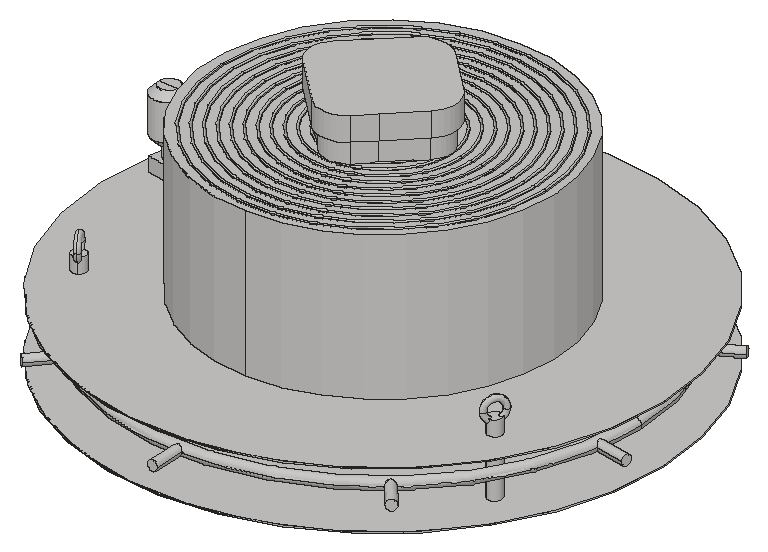
Revit family "HVAC_Fan-Assisted-Distributors_Neptronic_SKH4_MDU-1000", category Mechanical Equipment, Revit 2021
Family settings
  Round Connector Dimension = Use Diameter
  Classification = None
  Part Type = Normal
  OmniClass Number = 23.33.27.15
  Work Plane-Based = Yes
  Always vertical = No
  Cut with Voids When Loaded = No
  Shared = No
  Room Calculation Point = No
Parameters (values of type "SKH4-MDU-1000-A-9")
  Width = 0.00"  # constant formula
  Weight = 22.00 lbf
  Voltage = 120 V
  Version = 0
  URL = "https://www.neptronic.com/"
  Supply Voltage = "A"
  RLA = 1.4 A
  Product Page URL = "https://www.neptronic.com/humidifiers/SKH4.aspx"
  Product Material = Neptronic - Stainless steel
  Power Factor = 1
  Plumbing Connection Diameter = 0.70"
  Number of Spray Nozzles = 9
  Number of Poles = 1
  Nozzle Capacity = "60lb/h to 120lb/h"
  Mounting Type = "Suspended"
  Model Type = "MDU"
  Model = "SKH4-MDU-1000-A-9"
  Manufacturer = "Neptronic"  # constant formula
  Length = 0.00"  # constant formula
  Height = 9.00"
  Frequency = 50 Hz
  Diameter = 20.30"
  Description = "Radial projection mist distributor"  # constant formula
  Depth = 0.00"  # constant formula
  Default Elevation = 0.00"
  Date Updated = ""
  Date Created = "2024/02/14"
  CFM = 1000 CFM
  Apparent Load = RLA * Voltage  # 168 VA
Types (2): name | Voltage | Version | Supply Voltage | RLA | Model | Apparent Load
  SKH4-MDU-1000-A-9 | 120 V | 0 | "A" | 1.4 A | "SKH4-MDU-1000-A-9" | 168 VA
  SKH4-MDU-1000-C-9 | 240 V | 1 | "C" | 0.5 A | "SKH4-MDU-1000-C-9" | 120 VA
Reference planes (in)
  plane 1 "Center (Front/Back)": y = 0
  plane 2: z = 0
  plane 3 "Center (Left/Right)": x = 0
Lines and regions (in)
  Masking region 1, detail levels medium+fine
    outline origin (0, 0, 7.97174) x (0, 1, 0) y (-1, 0, 0)
      loop
        arc (9.33543, 3.58465) -> (7.66044, 6.42788) -> (5.15127, 8.57114) r 10
        line (5.15127, 8.57114) -> (5.2768, 8.78856) -> (4.97272, 8.96412) -> (4.84719, 8.7467)
        arc (4.84719, 8.7467) -> (1.73648, 9.84808) -> (-1.56332, 9.87705) r 10
        line (-1.56332, 9.87705) -> (-1.60691, 10.12429) -> (-1.9527, 10.06331) -> (-1.90911, 9.81607)
        arc (-1.90911, 9.81607) -> (-5, 8.66025) -> (-7.54641, 6.56137) r 10
        line (-7.54641, 6.56137) -> (-7.73873, 6.72275) -> (-7.96443, 6.45377) -> (-7.77211, 6.2924)
        arc (-7.77211, 6.2924) -> (-9.39693, 3.4202) -> (-9.99846, 0.17556) r 10
        line (-9.99846, 0.17556) -> (-10.24951, 0.17556) -> (-10.24951, -0.17556) -> (-9.99846, -0.17556)
        arc (-9.99846, -0.17556) -> (-9.39693, -3.4202) -> (-7.77211, -6.2924) r 10
        line (-7.77211, -6.2924) -> (-7.96443, -6.45377) -> (-7.73873, -6.72275) -> (-7.54641, -6.56137)
        arc (-7.54641, -6.56137) -> (-5, -8.66025) -> (-1.90911, -9.81607) r 10
        line (-1.90911, -9.81607) -> (-1.9527, -10.06331) -> (-1.60691, -10.12429) -> (-1.56332, -9.87705)
        arc (-1.56332, -9.87705) -> (1.73648, -9.84808) -> (4.84719, -8.7467) r 10
        line (4.84719, -8.7467) -> (4.97272, -8.96412) -> (5.2768, -8.78856) -> (5.15127, -8.57114)
        arc (5.15127, -8.57114) -> (7.66044, -6.42788) -> (9.33543, -3.58465) r 10
        line (9.33543, -3.58465) -> (9.57135, -3.67051) -> (9.69144, -3.34057) -> (9.45552, -3.2547)
        arc (9.45552, -3.2547) -> (10, 0) -> (9.45552, 3.2547) r 10
        line (9.45552, 3.2547) -> (9.69144, 3.34057) -> (9.57135, 3.67051) -> (9.33543, 3.58465)
  Masking region 2, detail levels coarse
    outline origin (0, 0, 7.97174) x (0, 1, 0) y (-1, 0, 0)
      loop
        circle (0, 0) r 10.24951
  symbolic lines, detail levels medium+fine
    curve 1: circle (0, 0, 7.97174) r 10 normal (0, 0, 1)
    curve 2: line (-2.2981, -0.70711, 7.97174) -> (-0.70711, -2.2981, 7.97174)
    curve 3: arc (-0.70711, -2.2981, 7.97174) -> (0, -2.59099, 7.97174) -> (0.70711, -2.2981, 7.97174) r 1
    curve 4: line (0.70711, -2.2981, 7.97174) -> (1.24628, -1.75893, 7.97174)
    curve 5: line (1.24628, -1.75893, 7.97174) -> (2.2981, -0.70711, 7.97174)
    curve 6: arc (2.2981, -0.70711, 7.97174) -> (2.59099, 0, 7.97174) -> (2.2981, 0.70711, 7.97174) r 1
    curve 7: line (2.2981, 0.70711, 7.97174) -> (0.70711, 2.2981, 7.97174)
    curve 8: arc (0.70711, 2.2981, 7.97174) -> (0, 2.59099, 7.97174) -> (-0.70711, 2.2981, 7.97174) r 1
    curve 9: line (-0.70711, 2.2981, 7.97174) -> (-2.2981, 0.70711, 7.97174)
    curve 10: arc (-2.2981, 0.70711, 7.97174) -> (-2.59099, 0, 7.97174) -> (-2.2981, -0.70711, 7.97174) r 1
    curve 11: circle (0, 0, 7.97174) r 2.71063 normal (0, 0, 1)
    curve 12: circle (0, 0, 7.97174) r 3.10433 normal (0, 0, 1)
    curve 13: circle (0, 0, 7.97174) r 3.49803 normal (0, 0, 1)
    curve 14: circle (0, 0, 7.97174) r 3.89173 normal (0, 0, 1)
    curve 15: circle (0, 0, 7.97174) r 4.28543 normal (0, 0, 1)
    curve 16: circle (0, 0, 7.97174) r 4.67913 normal (0, 0, 1)
    curve 17: circle (0, 0, 7.97174) r 5.07283 normal (0, 0, 1)
    curve 18: circle (0, 0, 7.97174) r 5.46654 normal (0, 0, 1)
    curve 19: circle (0, 0, 7.97174) r 5.86024 normal (0, 0, 1)
    curve 20: circle (0, 0, 7.97174) r 6.25394 normal (0, 0, 1)
    curve 21: circle (0, 0, 7.97174) r 6.1752 normal (0, 0, 1)
    curve 22: circle (0, 0, 7.97174) r 5.7815 normal (0, 0, 1)
    curve 23: circle (0, 0, 7.97174) r 5.3878 normal (0, 0, 1)
    curve 24: circle (0, 0, 7.97174) r 4.99409 normal (0, 0, 1)
    curve 25: circle (0, 0, 7.97174) r 4.60039 normal (0, 0, 1)
    curve 26: circle (0, 0, 7.97174) r 4.20669 normal (0, 0, 1)
    curve 27: circle (0, 0, 7.97174) r 3.81299 normal (0, 0, 1)
    curve 28: circle (0, 0, 7.97174) r 3.41929 normal (0, 0, 1)
    curve 29: circle (0, 0, 7.97174) r 3.02559 normal (0, 0, 1)
    curve 30: circle (0, 0, 7.97174) r 2.63189 normal (0, 0, 1)
    curve 31: circle (-7.40452, -4.275, 7.97174) r 0.25087 normal (0, 0, 1)
    curve 32: circle (7.40452, -4.275, 7.97174) r 0.25087 normal (0, 0, 1)
    curve 33: circle (0, 8.55, 7.97174) r 0.25087 normal (0, 0, 1)
    curve 34: circle (-8.86327, 1.56283, 7.97174) r 0.35 normal (0, 0, 1)
Dimensions and locks (in)
  aligned and locked: plane 2 to level
  aligned and locked: plane 1 "Center (Front/Back)" to nested 1
  aligned and locked: plane 3 "Center (Left/Right)" to nested 1
Nested families (in)
  nested 1: "MODEL" at (0, 0, 0), type "MODEL"
Connectors (in)
  electrical at (0.13848, -0.19544, 8.9695), driven by "Number of Poles", driven by "Voltage", driven by "Apparent Load", driven by "Power Factor"
    settings: on nested 1, index 1, voltage 120 V, apparent load 168 VA, apparent load phase1 0 VA, apparent load phase2 0 VA, apparent load phase3 0 VA, power factor 1, load classification "Other", number of poles 1, system type 30, power factor state 1, is connector primary yes, connector utility no, sub classification motor no, connector description "Electrical Connection"
  piping at (-8.86327, 1.56283, 4.89803), diameter 0.7, driven by "Plumbing Connection Diameter"
    settings: on nested 1, index 2, connector inside diameter 24", connector length 0.00", flow factor 0, pipe flow 471.947 L/s, pressure drop 0.00 psi, fitting loss kfactor 0, connector angle 0.00°, fixture units 0, engagement length 0.00", angle of deflection 0.00°, flow configuration 0, flow direction 1, fitting loss method 0, system type 20, joint type 0, gender type 0, connector reference index -1, connector utility 0, adjustable connector no, is connector primary yes, connector description "Plumbing Connection"
Definition of nested family "MODEL"
  Parameters (values of type "MODEL")
    Material = none
    Default Elevation = 0.00"
  Reference planes (in)
    plane 1 "Center (Front/Back)": y = 0
    plane 2: z = 0
    plane 3 "Center (Left/Right)": x = 0
    plane 4: z = 2.082
    plane 5: z = 1.041
    plane 6: z = 7.332
    plane 7: z = 8.9695
  Forms (in)
    Extrusion 1, solid, material <- "Material"
      sketch origin (0, 0, 0) x (1, 0, 0) y (0, 1, 0)
        loop
          circle (0, 0) r 10
      from 0 to 0.03937
    Extrusion 2, solid, material <- "Material"
      sketch origin (-10, -60, 2.082) x (0, -1, 0) y (-1, 0, 0)
        loop
          circle (-60, -10) r 10
      from 0 to 0.03937
    Extrusion 3, solid, material <- "Material"
      sketch origin (-10, -60, 2.082) x (0, -1, 0) y (-1, 0, 0)
        loop
          circle (-60, -10) r 6.10236
      from -5.25 to 0
    Extrusion 4, solid, material <- "Material"
      sketch origin (0, 0, 0) x (1, 0, 0) y (0, 1, 0)
        loop
          line (0.70711, -2.2981) -> (1.24628, -1.75893) -> (2.2981, -0.70711)
          arc (2.2981, -0.70711) -> (2.59099, 0) -> (2.2981, 0.70711) r 1
          line (2.2981, 0.70711) -> (0.70711, 2.2981)
          arc (0.70711, 2.2981) -> (0, 2.59099) -> (-0.70711, 2.2981) r 1
          line (-0.70711, 2.2981) -> (-2.2981, 0.70711)
          arc (-2.2981, 0.70711) -> (-2.59099, 0) -> (-2.2981, -0.70711) r 1
          line (-2.2981, -0.70711) -> (-0.70711, -2.2981)
          arc (-0.70711, -2.2981) -> (0, -2.59099) -> (0.70711, -2.2981) r 1
      from 8.1195 to 8.9695
    Extrusion 5, solid, material <- "Material"
      sketch origin (0, 0, 0) x (1, 0, 0) y (0, 1, 0)
        loop
          line (0.57983, -2.17082) -> (1.119, -1.63165) -> (2.17082, -0.57983)
          arc (2.17082, -0.57983) -> (2.41099, 0) -> (2.17082, 0.57983) r 0.82
          line (2.17082, 0.57983) -> (0.57983, 2.17082)
          arc (0.57983, 2.17082) -> (0, 2.41099) -> (-0.57983, 2.17082) r 0.82
          line (-0.57983, 2.17082) -> (-2.17082, 0.57983)
          arc (-2.17082, 0.57983) -> (-2.41099, 0) -> (-2.17082, -0.57983) r 0.82
          line (-2.17082, -0.57983) -> (-0.57983, -2.17082)
          arc (-0.57983, -2.17082) -> (0, -2.41099) -> (0.57983, -2.17082) r 0.82
      from 8.1195 to 7.02627
    Sweep 6, solid, material <- "Material", detail levels medium+fine
      path origin (0, 0, 0) x (1, 0, 0) y (0, 1, 0)
        loop
          circle (0, 0) r 2.00251
      profile origin (0, 2.00251, 0) x (0, -1, 0) y (0, 0, 1)
        loop
          circle (0, 7.30807) r 0.03937
        loop
          circle (-0.37402, 7.30807) r 0.03937
        loop
          circle (-0.74803, 7.30807) r 0.03937
        loop
          circle (-1.12205, 7.30807) r 0.03937
        loop
          circle (-1.49606, 7.30807) r 0.03937
        loop
          circle (-1.87008, 7.30807) r 0.03937
        loop
          circle (-2.24409, 7.30807) r 0.03937
        loop
          circle (-2.61811, 7.30807) r 0.03937
        loop
          circle (-2.99213, 7.30807) r 0.03937
        loop
          circle (-3.36614, 7.30807) r 0.03937
        loop
          circle (-3.74016, 7.30807) r 0.03937
    Sweep 7, solid, material <- "Material"
      path origin (0, 0, 0) x (1, 0, 0) y (0, 1, 0)
        loop
          circle (0, 0) r 9.00015
      profile origin (0, 9.00015, 0) x (0, -1, 0) y (0, 0, 1)
        loop
          circle (0, 1.041) r 0.19685
    Extrusion 8, solid, material <- "Material"
      sketch origin (0, 0, 0) x (1, 0, 0) y (0, 0, 1)
        loop
          circle (0, 1.041) r 0.17556
      from 8.94125 to 10.24951
    Extrusion 9, solid, material <- "Material"
      sketch origin (0, 0, 0) x (0.766044, -0.642788, 0) y (0, 0, 1)
        loop
          circle (0, 1.041) r 0.17556
      from 8.94125 to 10.24951
    Extrusion 10, solid, material <- "Material"
      sketch origin (0, 0, 0) x (0.173648, -0.984808, 0) y (0, 0, 1)
        loop
          circle (0, 1.041) r 0.17556
      from 8.94125 to 10.24951
    Extrusion 11, solid, material <- "Material"
      sketch origin (0, 0, 0) x (-0.5, -0.866025, 0) y (0, 0, 1)
        loop
          circle (0, 1.041) r 0.17556
      from 8.94125 to 10.24951
    Extrusion 12, solid, material <- "Material"
      sketch origin (0, 0, 0) x (-0.939693, -0.34202, 0) y (0, 0, 1)
        loop
          circle (0, 1.041) r 0.17556
      from 8.94125 to 10.24951
    Extrusion 13, solid, material <- "Material"
      sketch origin (0, 0, 0) x (-0.939693, 0.34202, 0) y (0, 0, 1)
        loop
          circle (0, 1.041) r 0.17556
      from 8.94125 to 10.24951
    Extrusion 14, solid, material <- "Material"
      sketch origin (0, 0, 0) x (-0.5, 0.866025, 0) y (0, 0, 1)
        loop
          circle (0, 1.041) r 0.17556
      from 8.94125 to 10.24951
    Extrusion 15, solid, material <- "Material"
      sketch origin (0, 0, 0) x (0.173648, 0.984808, 0) y (0, 0, 1)
        loop
          circle (0, 1.041) r 0.17556
      from 8.94125 to 10.24951
    Extrusion 16, solid, material <- "Material"
      sketch origin (0, 0, 0) x (0.766044, 0.642788, 0) y (0, 0, 1)
        loop
          circle (0, 1.041) r 0.17556
      from 8.94125 to 10.24951
    Extrusion 17, solid, material <- "Material"
      sketch origin (0, 0, 0) x (1, 0, 0) y (0, 1, 0)
        loop
          circle (0, 8.55) r 0.25087
      from 0.03937 to 2.59642
    Sweep 18, solid, material <- "Material"
      path origin (0, 0, 0) x (1, 0, 0) y (0, 0, 1)
        loop
          circle (0, 2.819) r 0.45563
      profile origin (0, 0, 3.27463) x (0, 0, -1) y (0, -1, 0)
        loop
          circle (0.09843, -8.55) r 0.09843
    Extrusion 19, solid, material <- "Material"
      sketch origin (0, 0, 0) x (-0.5, -0.866025, 0) y (0.866025, -0.5, 0)
        loop
          circle (0, 8.55) r 0.25087
      from 0.03937 to 2.59642
    Sweep 20, solid, material <- "Material"
      path origin (0, 0, 0) x (-0.5, -0.866025, 0) y (0, 0, 1)
        loop
          circle (0, 2.819) r 0.45563
      profile origin (0, 0, 3.27463) x (0, 0, -1) y (-0.866025, 0.5, 0)
        loop
          circle (0.09843, -8.55) r 0.09843
    Extrusion 21, solid, material <- "Material"
      sketch origin (0, 0, 0) x (-0.5, 0.866025, 0) y (-0.866025, -0.5, 0)
        loop
          circle (0, 8.55) r 0.25087
      from 0.03937 to 2.59642
    Sweep 22, solid, material <- "Material"
      path origin (0, 0, 0) x (-0.5, 0.866025, 0) y (0, 0, 1)
        loop
          circle (0, 2.819) r 0.45563
      profile origin (0, 0, 3.27463) x (0, 0, -1) y (0.866025, 0.5, 0)
        loop
          circle (0.09843, -8.55) r 0.09843
    Extrusion 23, solid, material <- "Material"
      sketch origin (0, 0, 0) x (1, 0, 0) y (0, 1, 0)
        loop
          line (-9.18262, 2.01892) -> (-9.31935, 1.24348) -> (-8.54392, 1.10675) -> (-8.40718, 1.88219) -> (-9.18262, 2.01892)
      from 0 to 2.59642
    Extrusion 24, solid, material <- "Material"
      sketch origin (0, 0, 0) x (1, 0, 0) y (0, 1, 0)
        loop
          circle (-8.86327, 1.56283) r 0.19685
      from 2.59642 to 3.09803
    Revolve 25, solid, material <- "Material"
      sketch origin (0, 1.56283, 0) x (1, 0, 0) y (0, 0, 1)
        loop
          line (-9.46327, 3.34803) -> (-9.21327, 3.09803) -> (-8.86327, 3.09803) -> (-8.86327, 4.89803) -> (-9.21327, 4.89803) -> (-9.46327, 4.64803) -> (-9.46327, 3.34803)
        axis (-8.86327, 4.89803) -> (-8.86327, 3.09803)
      angle from 0 to 360
  Cuts and joins
    joined: Sweep 7, Extrusion 8, Extrusion 9, Extrusion 10, Extrusion 11, Extrusion 12, Extrusion 13, Extrusion 14, Extrusion 15, Extrusion 16
    joined: Extrusion 2, Extrusion 17, Sweep 18, Extrusion 19, Sweep 20, Extrusion 21, Sweep 22, Extrusion 23
  Dimensions and locks (in)
    equal spacing: plane 4, plane 5, level
    aligned and locked: level to plane 2
  Automatic sketch dimensions
    plane 1 "Center (Front/Back)" to Extrusion 1 sketch curve = 0.00"
    Extrusion 1 sketch curve to plane 3 "Center (Left/Right)" = 0.00"
    plane 1 "Center (Front/Back)" to Extrusion 2 sketch curve = 0.00"
    Extrusion 2 sketch curve to plane 3 "Center (Left/Right)" = 0.00"
    plane 1 "Center (Front/Back)" to Extrusion 4 sketch curve = 0.00"  (x2)
    Extrusion 4 sketch curve to plane 3 "Center (Left/Right)" = 0.00"  (x2)
    Extrusion 4 sketch curve to plane 3 "Center (Left/Right)" = 0.70711"  (x2)
    Extrusion 4 sketch curve to plane 3 "Center (Left/Right)" = 1.59099"
    plane 1 "Center (Front/Back)" to Extrusion 4 sketch curve = 0.70711"  (x2)
    Extrusion 4 sketch curve to Extrusion 4 sketch curve = 0.70711"  (x4)
    Extrusion 4 sketch curve to plane 1 "Center (Front/Back)" = 0.70711"  (x2)
    plane 3 "Center (Left/Right)" to Extrusion 4 sketch curve = 0.70711"  (x2)
    Extrusion 4 sketch curve to Extrusion 4 sketch curve = 0.53917"
    plane 3 "Center (Left/Right)" to Extrusion 4 sketch curve = 1.59099"
    plane 1 "Center (Front/Back)" to Extrusion 4 sketch curve = 1.59099"
    Extrusion 4 sketch curve to Extrusion 4 sketch curve = 0.16794"
    Extrusion 4 sketch curve to plane 1 "Center (Front/Back)" = 1.59099"
    plane 1 "Center (Front/Back)" to Extrusion 5 sketch curve = 0.00"  (x2)
    Extrusion 5 sketch curve to plane 3 "Center (Left/Right)" = 0.00"  (x2)
    Extrusion 5 sketch curve to plane 3 "Center (Left/Right)" = 0.57983"  (x2)
    Extrusion 5 sketch curve to plane 3 "Center (Left/Right)" = 1.59099"
    plane 1 "Center (Front/Back)" to Extrusion 5 sketch curve = 0.57983"  (x2)
    Extrusion 5 sketch curve to Extrusion 5 sketch curve = 0.57983"  (x4)
    Extrusion 5 sketch curve to plane 1 "Center (Front/Back)" = 0.57983"  (x2)
    plane 3 "Center (Left/Right)" to Extrusion 5 sketch curve = 0.57983"  (x2)
    Extrusion 5 sketch curve to Extrusion 5 sketch curve = 0.53917"
    plane 3 "Center (Left/Right)" to Extrusion 5 sketch curve = 1.59099"
    plane 1 "Center (Front/Back)" to Extrusion 5 sketch curve = 1.59099"
    Extrusion 5 sketch curve to Extrusion 5 sketch curve = 0.04066"
    Extrusion 5 sketch curve to plane 1 "Center (Front/Back)" = 1.59099"
    plane 1 "Center (Front/Back)" to Sweep 6 sketch curve = 0.00"
    Sweep 6 sketch curve to plane 3 "Center (Left/Right)" = 0.00"
    Sweep 6 sketch curve to profile plane = 0.00"
    profile plane to Sweep 6 sketch curve = 0.37402"
    Sweep 6 sketch curve to Sweep 6 sketch curve = 0.37402"  (x9)
    level to Sweep 6 sketch curve = 7.30807"
    Sweep 6 sketch curve to Sweep 6 sketch curve = 0.00"  (x10)
    plane 1 "Center (Front/Back)" to Sweep 7 sketch curve = 0.00"
    Sweep 7 sketch curve to plane 3 "Center (Left/Right)" = 0.00"
    Sweep 7 sketch curve to profile plane = 0.00"
    level to Sweep 7 sketch curve = 1.041"
    Extrusion 8 sketch curve to plane 3 "Center (Left/Right)" = 0.00"
    Extrusion 8 sketch curve to plane 5 = 0.00"
    plane 5 to Extrusion 9 sketch curve = 0.00"
    plane 5 to Extrusion 10 sketch curve = 0.00"
    Extrusion 11 sketch curve to plane 5 = 0.00"
    Extrusion 12 sketch curve to plane 5 = 0.00"
    Extrusion 13 sketch curve to plane 5 = 0.00"
    Extrusion 14 sketch curve to plane 5 = 0.00"
    plane 5 to Extrusion 15 sketch curve = 0.00"
    plane 5 to Extrusion 16 sketch curve = 0.00"
    Extrusion 17 sketch curve to plane 3 "Center (Left/Right)" = 0.00"
    Extrusion 17 sketch curve to plane 1 "Center (Front/Back)" = 8.55"
    Sweep 18 sketch curve to plane 3 "Center (Left/Right)" = 0.00"
    Sweep 18 sketch curve to plane 4 = 0.737"
    Sweep 18 sketch curve to profile plane = 0.09843"
    Sweep 18 sketch curve to plane 1 "Center (Front/Back)" = 8.55"
    plane 1 "Center (Front/Back)" to Extrusion 19 sketch curve = 4.275"
    plane 3 "Center (Left/Right)" to Extrusion 19 sketch curve = 7.40452"
    Sweep 20 sketch curve to plane 4 = 0.737"
    Sweep 20 sketch curve to profile plane = 0.09843"
    Sweep 20 sketch curve to profile plane = 8.55"
    plane 1 "Center (Front/Back)" to Extrusion 21 sketch curve = 4.275"
    Extrusion 21 sketch curve to plane 3 "Center (Left/Right)" = 7.40452"
    Sweep 22 sketch curve to plane 4 = 0.737"
    Sweep 22 sketch curve to profile plane = 0.09843"
    Sweep 22 sketch curve to profile plane = 8.55"
    Extrusion 23 sketch curve to plane 1 "Center (Front/Back)" = 1.24348"
    Extrusion 23 sketch curve to plane 3 "Center (Left/Right)" = 9.31935"
    Extrusion 23 sketch curve to plane 1 "Center (Front/Back)" = 2.01892"
    Extrusion 23 sketch curve to Extrusion 23 sketch curve = 0.13673"
    Extrusion 23 sketch curve to plane 1 "Center (Front/Back)" = 1.10675"
    Extrusion 24 sketch curve to plane 1 "Center (Front/Back)" = 1.56283"
    Extrusion 24 sketch curve to plane 3 "Center (Left/Right)" = 8.86327"
    Revolve 25 sketch curve to plane 4 = 1.26603"
    Revolve 25 sketch curve to plane 3 "Center (Left/Right)" = 9.46327"
    Revolve 25 sketch curve to Revolve 25 sketch curve = 0.25"  (x3)
    Revolve 25 sketch curve to plane 4 = 1.01603"
    Revolve 25 sketch curve to Revolve 25 sketch curve = 0.35"
    Revolve 25 sketch curve to Revolve 25 sketch curve = 1.30"
    Revolve 25 sketch curve to Revolve 25 sketch curve = 0.00"  (x2)
    Revolve 25 sketch curve to Revolve 25 sketch curve = 0.6189"
    plane 1 "Center (Front/Back)" to Extrusion 3 sketch curve = 0.00"
    Extrusion 3 sketch curve to plane 3 "Center (Left/Right)" = 0.00"
    radius of Extrusion 1 sketch curve = 10.00"
    radius of Extrusion 2 sketch curve = 10.00"
    radius of Extrusion 3 sketch curve = 6.10236"
    radius of Sweep 6 sketch curve = 2.00251"
    radius of Sweep 6 sketch curve = 0.03937"  (x11)
    radius of Sweep 7 sketch curve = 9.00015"
    radius of Sweep 7 sketch curve = 0.19685"
    radius of Extrusion 8 sketch curve = 0.17556"
    radius of Extrusion 9 sketch curve = 0.17556"
    radius of Extrusion 10 sketch curve = 0.17556"
    radius of Extrusion 11 sketch curve = 0.17556"
    radius of Extrusion 12 sketch curve = 0.17556"
    radius of Extrusion 13 sketch curve = 0.17556"
    radius of Extrusion 14 sketch curve = 0.17556"
    radius of Extrusion 15 sketch curve = 0.17556"
    radius of Extrusion 16 sketch curve = 0.17556"
    radius of Extrusion 17 sketch curve = 0.25087"
    radius of Sweep 18 sketch curve = 0.45563"
    radius of Sweep 18 sketch curve = 0.09843"
    radius of Extrusion 19 sketch curve = 0.25087"
    radius of Sweep 20 sketch curve = 0.45563"
    radius of Sweep 20 sketch curve = 0.09843"
    radius of Extrusion 21 sketch curve = 0.25087"
    radius of Sweep 22 sketch curve = 0.45563"
    radius of Sweep 22 sketch curve = 0.09843"
    radius of Extrusion 24 sketch curve = 0.19685"
